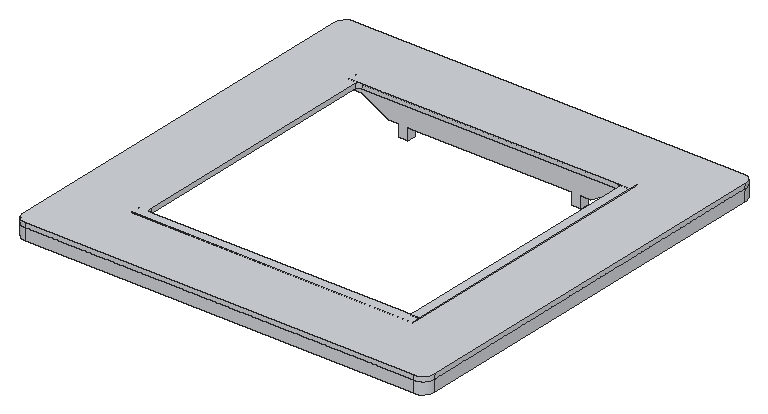
Revit family "Gira_0211225", category Electrical Fixtures, host Face, Revit 2017
Family settings
  Host = Face
  Maintain Annotation Orientation = No
  Round Connector Dimension = Use Diameter
  Part Type = Normal
  Cut with Voids When Loaded = No
  Shared = No
  Room Calculation Point = No
Parameters (values of type "Abdeckrahmen 1f flach Gira E2 Reinweiß m")
  Werkstoffgüte = "Thermoplast"
  Werkstoff = "Kunststoff"
  URL = "http://katalog.gira.de/de_DE/datenblatt.html?artikelnr=0211225"
  Transparent = "No"
  Textfeld/Beschriftungsfläche = "No"
  Schutzart (IP) = "IP20"
  Region = "DE"
  RAL-Nummer (ähnlich) = "9010 "
  Oberfläche = "sonstige"
  Name = "Abdeckrahmen 1f flach Gira E2 Reinweiß m"
  Montagerichtung = "horizontal und vertikal"
  Mit Montagerahmen = "No"
  Mit Klappdeckel = "No"
  Manufacturer URL = "https://www.gira.de/"
  Keynote = "E2flach_Rahmen_1fach.stp"
  HeinzeBIM = "https://bimportal.heinze.de/bim/abdeckrahmen-1f-flach-gira-e2-reinweiss-m/66b5f05603b1e8dc426973abbfc46eaa132ad3a6"
  Halogenfrei = "Yes"
  HAN = "0211225"
  Geeignet für Unterputz-Installation = "Yes"
  Geeignet für Unterflurkanaldose = "No"
  Geeignet für Geräteeinbaukanal = "No"
  Geeignet für Einbauinstallation = "No"
  GTIN = "4010337021360"
  Farbe = "weiß"
  Default Elevation = 1219.2 mm
  Data sheet (1) = "https://katalog.gira.de/de_DE/download.html?artikelnr=0211225"
  Category = "Abdeckrahmen"
  Befestigungsart = "Klemmbefestigung"
  Available = "Yes"
  Ausführung der Oberfläche = "matt"
  Anzahl der Einheiten vertikal = "1 "
  Anzahl der Einheiten horizontal = "1 "
  Anzahl der Einheiten = "1 "
Reference planes
  plane 1 "Center (Front/Back)": y = 0
  plane 2: z = 0
  plane 3 "Center (Left/Right)": x = 0
Forms (mm)
  Extrusion 1, solid, detail levels fine
    sketch origin (0, 0, 0) x (1, 0, 0) y (0, 1, 0)
      loop
        arc (-41.4, 43.9) -> (-43.168, 43.168) -> (-43.9, 41.4) r 2.5
        line (-43.9, 41.4) -> (-43.9, -41.4)
        arc (-43.9, -41.4) -> (-43.168, -43.168) -> (-41.4, -43.9) r 2.5
        line (-41.4, -43.9) -> (41.4, -43.9)
        arc (41.4, -43.9) -> (43.168, -43.168) -> (43.9, -41.4) r 2.5
        line (43.9, -41.4) -> (43.9, 41.4)
        arc (43.9, 41.4) -> (43.168, 43.168) -> (41.4, 43.9) r 2.5
        line (41.4, 43.9) -> (-41.4, 43.9)
      loop
        spline (-28.144, -27.245) -> (-28.136, -27.363) -> (-28.113, -27.478) -> (-28.075, -27.589) -> (-28.023, -27.695) -> (-27.958, -27.792) -> (-27.881, -27.881) -> (-27.792, -27.958) -> (-27.695, -28.023) -> (-27.589, -28.075) -> (-27.478, -28.113) -> (-27.363, -28.136) -> (-27.245, -28.144)
        line (-27.245, -28.144) -> (27.245, -28.144)
        spline (27.245, -28.144) -> (27.363, -28.136) -> (27.478, -28.113) -> (27.589, -28.075) -> (27.695, -28.023) -> (27.792, -27.958) -> (27.881, -27.881) -> (27.958, -27.792) -> (28.023, -27.695) -> (28.075, -27.589) -> (28.113, -27.478) -> (28.136, -27.363) -> (28.144, -27.245)
        line (28.144, -27.245) -> (28.144, 27.245)
        spline (28.144, 27.245) -> (28.136, 27.363) -> (28.113, 27.478) -> (28.075, 27.589) -> (28.023, 27.695) -> (27.958, 27.792) -> (27.881, 27.881) -> (27.792, 27.958) -> (27.695, 28.023) -> (27.589, 28.075) -> (27.478, 28.113) -> (27.363, 28.136) -> (27.245, 28.144)
        line (27.245, 28.144) -> (-27.245, 28.144)
        spline (-27.245, 28.144) -> (-27.363, 28.136) -> (-27.478, 28.113) -> (-27.589, 28.075) -> (-27.695, 28.023) -> (-27.792, 27.958) -> (-27.881, 27.881) -> (-27.958, 27.792) -> (-28.023, 27.695) -> (-28.075, 27.589) -> (-28.113, 27.478) -> (-28.136, 27.363) -> (-28.144, 27.245)
        line (-28.144, 27.245) -> (-28.144, -27.245)
    from 2.5 to 3.4
  Extrusion 2, solid, detail levels fine
    sketch origin (0, 0, 0) x (1, 0, 0) y (0, 1, 0)
      loop
        arc (-41.4, 43.9) -> (-43.168, 43.168) -> (-43.9, 41.4) r 2.5
        line (-43.9, 41.4) -> (-43.9, -41.4)
        arc (-43.9, -41.4) -> (-43.168, -43.168) -> (-41.4, -43.9) r 2.5
        line (-41.4, -43.9) -> (41.4, -43.9)
        arc (41.4, -43.9) -> (43.168, -43.168) -> (43.9, -41.4) r 2.5
        line (43.9, -41.4) -> (43.9, 41.4)
        arc (43.9, 41.4) -> (43.168, 43.168) -> (41.4, 43.9) r 2.5
        line (41.4, 43.9) -> (-41.4, 43.9)
      loop
        arc (-41.4, 43.4) -> (-42.814, 42.814) -> (-43.4, 41.4) r 2
        line (-43.4, 41.4) -> (-43.4, -41.4)
        arc (-43.4, -41.4) -> (-42.814, -42.814) -> (-41.4, -43.4) r 2
        line (-41.4, -43.4) -> (41.4, -43.4)
        arc (41.4, -43.4) -> (42.814, -42.814) -> (43.4, -41.4) r 2
        line (43.4, -41.4) -> (43.4, 41.4)
        arc (43.4, 41.4) -> (42.814, 42.814) -> (41.4, 43.4) r 2
        line (41.4, 43.4) -> (-41.4, 43.4)
    from 0 to 2.5
  Extrusion 3, solid, detail levels fine
    sketch origin (0, 0, 0) x (1, 0, 0) y (0, 0, 1)
      loop
        line (-17.5, -4.06) -> (-17.5, -1.56) -> (17.5, -1.56) -> (17.5, -4.06) -> (19.5, -4.06) -> (19.5, -1.56) -> (21.654, -1.56) -> (27.214, 1.65) -> (30, 1.65) -> (30, 3.4) -> (-30, 3.4) -> (-30, 1.65) -> (-27.214, 1.65) -> (-21.654, -1.56) -> (-19.5, -1.56) -> (-19.5, -4.06) -> (-17.5, -4.06)
    from 28.144 to 30
  Extrusion 4, solid, detail levels fine
    sketch origin (0, 0, 0) x (0, -1, 0) y (0, 0, -1)
      loop
        line (-17.5, 4.06) -> (-19.5, 4.06) -> (-19.5, 1.56) -> (-21.654, 1.56) -> (-27.214, -1.65) -> (-28.144, -1.65) -> (-28.144, -3.4) -> (28.144, -3.4) -> (28.144, -1.65) -> (27.214, -1.65) -> (21.654, 1.56) -> (19.5, 1.56) -> (19.5, 4.06) -> (17.5, 4.06) -> (17.5, 1.56) -> (-17.5, 1.56) -> (-17.5, 4.06)
    from 28.144 to 30
  Extrusion 5, solid, detail levels medium
    sketch origin (0, 0, 0) x (0, -1, 0) y (0, 0, 1)
      loop
        line (-17.5, -4.06) -> (-17.5, -1.56) -> (17.5, -1.56) -> (17.5, -4.06) -> (19.5, -4.06) -> (19.5, -1.56) -> (28.144, -1.56) -> (28.144, 3.4) -> (-28.144, 3.4) -> (-28.144, -1.56) -> (-19.5, -1.56) -> (-19.5, -4.06) -> (-17.5, -4.06)
    from 28.144 to 30
  Extrusion 6, solid, detail levels fine
    sketch origin (0, 0, 0) x (1, 0, 0) y (0, 0, -1)
      loop
        line (-17.5, 4.06) -> (-19.5, 4.06) -> (-19.5, 1.56) -> (-21.654, 1.56) -> (-27.214, -1.65) -> (-30, -1.65) -> (-30, -3.4) -> (30, -3.4) -> (30, -1.65) -> (27.214, -1.65) -> (21.654, 1.56) -> (19.5, 1.56) -> (19.5, 4.06) -> (17.5, 4.06) -> (17.5, 1.56) -> (-17.5, 1.56) -> (-17.5, 4.06)
    from 28.144 to 30
  Extrusion 7, solid, detail levels coarse
    sketch origin (0, 0, 0) x (1, 0, 0) y (0, 1, 0)
      loop
        line (-43.9, 43.9) -> (-43.9, -43.9) -> (43.9, -43.9) -> (43.9, 43.9) -> (-43.9, 43.9)
    from -4.06 to 3.4
  Extrusion 8, solid, detail levels medium
    sketch origin (0, 0, 0) x (1, 0, 0) y (0, 1, 0)
      loop
        line (-43.9, 43.9) -> (-43.9, -43.9) -> (43.9, -43.9) -> (43.9, 43.9) -> (-43.9, 43.9)
    from 0 to 3.4
  Extrusion 9, solid, detail levels medium
    sketch origin (0, 0, 0) x (1, 0, 0) y (0, 0, 1)
      loop
        line (-17.5, -4.06) -> (-17.5, -1.56) -> (17.5, -1.56) -> (17.5, -4.06) -> (19.5, -4.06) -> (19.5, -1.56) -> (30, -1.56) -> (30, 3.4) -> (-30, 3.4) -> (-30, -1.56) -> (-19.5, -1.56) -> (-19.5, -4.06) -> (-17.5, -4.06)
    from 28.144 to 30
  Extrusion 10, solid, detail levels medium
    sketch origin (0, 0, 0) x (1, 0, 0) y (0, 0, -1)
      loop
        line (-17.5, 4.06) -> (-19.5, 4.06) -> (-19.5, 1.56) -> (-30, 1.56) -> (-30, -3.4) -> (30, -3.4) -> (30, 1.56) -> (19.5, 1.56) -> (19.5, 4.06) -> (17.5, 4.06) -> (17.5, 1.56) -> (-17.5, 1.56) -> (-17.5, 4.06)
    from 28.144 to 30
  Extrusion 11, solid, detail levels medium
    sketch origin (0, 0, 0) x (0, -1, 0) y (0, 0, -1)
      loop
        line (-17.5, 4.06) -> (-19.5, 4.06) -> (-19.5, 1.56) -> (-28.144, 1.56) -> (-28.144, -3.4) -> (28.144, -3.4) -> (28.144, 1.56) -> (19.5, 1.56) -> (19.5, 4.06) -> (17.5, 4.06) -> (17.5, 1.56) -> (-17.5, 1.56) -> (-17.5, 4.06)
    from 28.144 to 30
Lines and regions (mm)
  reference lines
    curve 1: line (0, 43.9, 0) -> (0, -43.9, 0)
Dimensions and locks
  aligned and locked: plane 2 to host face
  aligned and locked: level to host face
